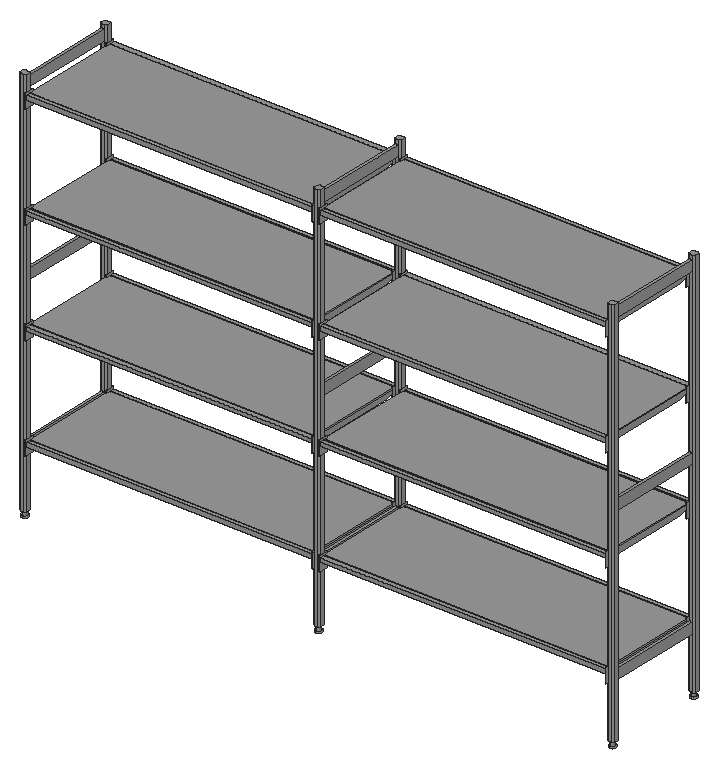
Revit family "QF_ELECTROLUXPROFESSIONAL_137047_BLS2580", category Attrezzature speciali, Revit 2020
Family settings
  Quota connettore circolare = Usa diametro
  Tipo di parte = Normale
  Basato su piano di lavoro = No
  Sempre verticale = Sì
  Taglio con vuoti quando caricato = No
  Condiviso = No
  Punto di calcolo locali = No
Parameters (values of type "Standard")
  Weight = 46.00 kg
  Watts = 0 W
  Volts = 0 V
  URL Manufacturer = "https://www.electroluxprofessional.com/"
  URL = "https://www.electroluxprofessional.com/"
  Steam Supply Size = 0 mm
  Steam Supply Minimum Pressure = 0.0 Pa
  Steam Supply Maximum Pressure = 0.0 Pa
  Steam Consumption per Hour = 0
  Refrigeration Suction Line Size = 0.0 mm
  Refrigeration Liquid Line Size = 0.0 mm
  Refrigerant Compressor Remote = yes
  Prospetto di default = 0.0 mm
  Phase = 0
  Modello = "BLS2580"
  Produttore = "Electrolux Professional"
  Length Actual = 2580.0 mm  # constant formula
  Item Number = "137047"
  Hot Water Size = 0 mm
  Height Actual = 1700.0 mm  # constant formula
  HP = "0 HP"
  Gas Size = 0 mm
  Gas KW = 0
  Gas Input Pressure = 0 W
  Direct Waste Size = 0 mm
  Descrizione = "ALUM.LINEAR SHELV.-POLY.TIERS-475X2580MM"
  Depth Actual = 475.0 mm  # constant formula
  Cycle = 0 Hz
  Condensate Return Size = 0 mm
  Compressed Air Volume = 0.0 L/s
  Compressed Air Size = 0 mm
  Compressed Air Pressure = 0.0 Pa
  Cold Water Size = 0 mm
  Accessory = yes
Reference planes
  plane 1: z = 0
  plane 2 "CenterLeft": x = -31
  plane 3 "LEFT": x = -417
  plane 4 "BACK": y = 23
  plane 5 "FRONT": y = -452
  plane 6 "TOP": z = 1700
  plane 7: x = -385
  plane 8: x = 855
  plane 9 "Center (Front/Back)": y = -214.5
  plane 10: y = -8.5
  plane 11: y = -420.5
  plane 12 "FEET": z = 25
  plane 13: z = 275
  plane 14: z = 725
  plane 15: z = 1175
  plane 16: z = 1625
  plane 17 "CXLeft": x = -403
  plane 18 "Center (Left/Right)": x = 873
  plane 19: y = 5.5
  plane 20 "CYBack": y = 5.5
  plane 21 "CYFront": y = -434.5
  plane 22 "RIGHT": x = 2163
  plane 23: x = 2131
  plane 24 "CXRight": x = 2149
  plane 25: x = 891
Forms (mm)
  Extrusion 1, solid, material "QF_Aluminum"
    sketch origin (-417, 0, -4.006) x (0, 1, 0) y (0, 0, 1)
      loop
        line (-12, 1637.003) -> (4, 1637.003) -> (4, 1655) -> (2.007, 1655) -> (2.007, 1648.501) -> (-431, 1648.501) -> (-431, 1655) -> (-433, 1655) -> (-433, 1637.003) -> (-417, 1637.003) -> (-383, 1625) -> (-46, 1625) -> (-12, 1637.003)
      loop
        line (-12, 1187.003) -> (4, 1187.003) -> (4, 1205) -> (2.007, 1205) -> (2.007, 1198.501) -> (-431, 1198.501) -> (-431, 1205) -> (-433, 1205) -> (-433, 1187.003) -> (-417, 1187.003) -> (-383, 1175) -> (-46, 1175) -> (-12, 1187.003)
      loop
        line (-12, 737.003) -> (4, 737.003) -> (4, 755) -> (2.007, 755) -> (2.007, 748.501) -> (-431, 748.501) -> (-431, 755) -> (-433, 755) -> (-433, 737.003) -> (-417, 737.003) -> (-383, 725) -> (-46, 725) -> (-12, 737.003)
      loop
        line (-12, 287.003) -> (4, 287.003) -> (4, 305) -> (2.007, 305) -> (2.007, 298.501) -> (-431, 298.501) -> (-431, 305) -> (-433, 305) -> (-433, 287.003) -> (-417, 287.003) -> (-383, 275) -> (-46, 275) -> (-12, 287.003)
    from 37 to 32
  Extrusion 2, solid, material "QF_Aluminum"
    sketch origin (-417, 0, 0) x (0, 1, 0) y (0, 0, 1)
      loop
        line (23, 246.005) -> (23, 307.993) -> (-12.993, 307.993) -> (-12.993, 246.005) -> (23, 246.005)
      loop
        line (-452, 246.005) -> (-416.007, 246.005) -> (-416.007, 307.993) -> (-452, 307.993) -> (-452, 246.005)
      loop
        line (23, 696.005) -> (23, 757.993) -> (-12.993, 757.993) -> (-12.993, 696.005) -> (23, 696.005)
      loop
        line (-452, 696.005) -> (-416.007, 696.005) -> (-416.007, 757.993) -> (-452, 757.993) -> (-452, 696.005)
      loop
        line (23, 1146.005) -> (23, 1207.993) -> (-12.993, 1207.993) -> (-12.993, 1146.005) -> (23, 1146.005)
      loop
        line (-452, 1146.005) -> (-416.007, 1146.005) -> (-416.007, 1207.993) -> (-452, 1207.993) -> (-452, 1146.005)
      loop
        line (23, 1596.005) -> (23, 1657.993) -> (-12.993, 1657.993) -> (-12.993, 1596.005) -> (23, 1596.005)
      loop
        line (-452, 1596.005) -> (-416.007, 1596.005) -> (-416.007, 1657.993) -> (-452, 1657.993) -> (-452, 1596.005)
    from 28 to 32
  Extrusion 3, solid, material "QF_Aluminum"
    sketch origin (-417, 0, 0) x (0, 1, 0) y (0, 0, 1)
      loop
        line (4, 1650.994) -> (4, 1632.998) -> (23, 1632.998) -> (23, 1650.994) -> (4, 1650.994)
      loop
        line (-433, 1650.994) -> (-452, 1650.994) -> (-452, 1632.998) -> (-433, 1632.998) -> (-433, 1650.994)
      loop
        line (4, 1200.994) -> (4, 1182.998) -> (23, 1182.998) -> (23, 1200.994) -> (4, 1200.994)
      loop
        line (-433, 1200.994) -> (-452, 1200.994) -> (-452, 1182.998) -> (-433, 1182.998) -> (-433, 1200.994)
      loop
        line (4, 750.994) -> (4, 732.998) -> (23, 732.998) -> (23, 750.994) -> (4, 750.994)
      loop
        line (-433, 750.994) -> (-452, 750.994) -> (-452, 732.998) -> (-433, 732.998) -> (-433, 750.994)
      loop
        line (4, 300.994) -> (4, 282.998) -> (23, 282.998) -> (23, 300.994) -> (4, 300.994)
      loop
        line (-433, 300.994) -> (-452, 300.994) -> (-452, 282.998) -> (-433, 282.998) -> (-433, 300.994)
    from 32 to 1272
  Extrusion 4, solid, material "QF_Polyethylene"
    sketch origin (-417, 0, 0) x (0, 1, 0) y (0, 0, 1)
      loop
        line (2.007, 1650.994) -> (-431, 1650.994) -> (-431, 1644.496) -> (2.007, 1644.496) -> (2.007, 1650.994)
      loop
        line (2.007, 1200.994) -> (-431, 1200.994) -> (-431, 1194.496) -> (2.007, 1194.496) -> (2.007, 1200.994)
      loop
        line (2.007, 750.994) -> (-431, 750.994) -> (-431, 744.496) -> (2.007, 744.496) -> (2.007, 750.994)
      loop
        line (2.007, 300.994) -> (-431, 300.994) -> (-431, 294.496) -> (2.007, 294.496) -> (2.007, 300.994)
    from 32 to 1272
  Extrusion 5, solid, material "QF_Aluminum"
    sketch origin (2163, 0, 0) x (0, 1, 0) y (0, 0, 1)
      loop
        line (4, 1650.994) -> (4, 1632.998) -> (23, 1632.998) -> (23, 1650.994) -> (4, 1650.994)
      loop
        line (-433, 1650.994) -> (-452, 1650.994) -> (-452, 1632.998) -> (-433, 1632.998) -> (-433, 1650.994)
      loop
        line (4, 1200.994) -> (4, 1182.998) -> (23, 1182.998) -> (23, 1200.994) -> (4, 1200.994)
      loop
        line (-433, 1200.994) -> (-452, 1200.994) -> (-452, 1182.998) -> (-433, 1182.998) -> (-433, 1200.994)
      loop
        line (4, 750.994) -> (4, 732.998) -> (23, 732.998) -> (23, 750.994) -> (4, 750.994)
      loop
        line (-433, 750.994) -> (-452, 750.994) -> (-452, 732.998) -> (-433, 732.998) -> (-433, 750.994)
      loop
        line (4, 300.994) -> (4, 282.998) -> (23, 282.998) -> (23, 300.994) -> (4, 300.994)
      loop
        line (-433, 300.994) -> (-452, 300.994) -> (-452, 282.998) -> (-433, 282.998) -> (-433, 300.994)
    from -32 to -1272
  Extrusion 6, solid, material "QF_Polyethylene"
    sketch origin (2163, 0, 0) x (0, 1, 0) y (0, 0, 1)
      loop
        line (2.007, 1650.994) -> (-431, 1650.994) -> (-431, 1644.496) -> (2.007, 1644.496) -> (2.007, 1650.994)
      loop
        line (2.007, 1200.994) -> (-431, 1200.994) -> (-431, 1194.496) -> (2.007, 1194.496) -> (2.007, 1200.994)
      loop
        line (2.007, 750.994) -> (-431, 750.994) -> (-431, 744.496) -> (2.007, 744.496) -> (2.007, 750.994)
      loop
        line (2.007, 300.994) -> (-431, 300.994) -> (-431, 294.496) -> (2.007, 294.496) -> (2.007, 300.994)
    from -32 to -1272
Lines and regions (mm)
  symbolic lines
    curve 1: line (855, 4, 1700) -> (-385, 4, 1700)
    curve 2: line (-408, -8.5, 1700) -> (-408, -420.5, 1700)
    curve 3: line (-398, -420.5, 1700) -> (-398, -8.5, 1700)
    curve 4: line (-389, 23, 1700) -> (859, 23, 1700)
    curve 5: line (-385, -452, 1700) -> (855, -452, 1700)
    curve 6: line (887, 23, 1700) -> (2135, 23, 1700)
    curve 7: line (887, -452, 1700) -> (2135, -452, 1700)
    curve 8: line (-385, -433, 1700) -> (855, -433, 1700)
    curve 9: line (891, -433, 1700) -> (2131, -433, 1700)
    curve 10: line (891, 4, 1700) -> (2131, 4, 1700)
    curve 11: line (2131, -12.993, 1700) -> (2131, -416.007, 1700)
    curve 12: line (855, -12.993, 1700) -> (855, -416.007, 1700)
    curve 13: line (891, -416.007, 1700) -> (891, -12.993, 1700)
    curve 14: line (-385, -12.993, 1700) -> (-385, -416.007, 1700)
Dimensions and locks
  plane 3 "LEFT" to plane 2 "CenterLeft" = 386.0 mm
  locked: plane 6 "TOP" to level at 1700
  locked: plane 4 "BACK" to plane 5 "FRONT" at 475
  locked: plane 7 to plane 8 at 1240
  locked: plane 10 to plane 11 at 412
  equal spacing: plane 10, plane 9 "Center (Front/Back)", plane 11
  equal spacing: plane 4 "BACK", plane 9 "Center (Front/Back)", plane 5 "FRONT"
  plane 12 "FEET" to level = 25.0 mm
  plane 6 "TOP" to plane 12 "FEET" = 1675.0 mm
  plane 13 to plane 12 "FEET" = 250.0 mm
  plane 14 to plane 13 = 450.0 mm
  plane 15 to plane 14 = 450.0 mm
  plane 16 to plane 15 = 450.0 mm
  locked: plane 4 "BACK" to plane 20 "CYBack" at 17.5
  locked: plane 21 "CYFront" to plane 5 "FRONT" at 17.5
  locked: plane 4 "BACK" to Extrusion 1 at 19
  locked: Extrusion 1 to plane 5 "FRONT" at 19
  Extrusion 1 sketch curve to plane 21 "CYFront" = 3.5 mm
  plane 3 "LEFT" to plane 22 "RIGHT" = 2580.0 mm
  locked: plane 25 to plane 23 at 1240
  locked: plane 8 to plane 18 "Center (Left/Right)" at 18
  locked: plane 18 "Center (Left/Right)" to plane 25 at 18
  locked: plane 3 "LEFT" to plane 7 at 32
  locked: plane 24 "CXRight" to plane 22 "RIGHT" at 14
  aligned and locked: level to plane 1
  aligned and locked: plane 7 to Extrusion 1
  aligned and locked: Extrusion 2 to plane 7
  aligned and locked: plane 7 to Extrusion 4
  aligned and locked: Extrusion 4 to plane 8
  aligned and locked: plane 7 to Extrusion 3
  aligned and locked: Extrusion 3 to plane 8
  aligned and locked: Extrusion 3 sketch curve to Extrusion 1
  aligned and locked: Extrusion 1 to Extrusion 3 sketch curve
  aligned and locked: Extrusion 3 sketch curve to Extrusion 3 sketch curve  (x2)
  aligned and locked: Extrusion 1 sketch curve to Extrusion 1 sketch curve  (x3)
  aligned and locked: Extrusion 4 sketch curve to Extrusion 1  (x4)
  aligned and locked: Extrusion 5 sketch curve to Extrusion 5 sketch curve  (x2)
  aligned and locked: Extrusion 5 to plane 25
  aligned and locked: Extrusion 6 to plane 25
  aligned and locked: nested 3 to plane 18 "Center (Left/Right)"
  aligned and locked: nested 1 to plane 17 "CXLeft"
  aligned and locked: Extrusion 3 to plane 7  (x3)
  aligned and locked: plane 8 to Extrusion 3  (x4)
  aligned and locked: plane 25 to Extrusion 5  (x4)
  aligned and locked: plane 25 to Extrusion 6  (x4)
  aligned and locked: plane 8 to Extrusion 4  (x4)
  aligned and locked: nested 2 to plane 24 "CXRight"
  aligned and locked: Extrusion 5 to plane 23
  aligned and locked: Extrusion 6 to plane 23
  aligned and locked: plane 23 to Extrusion 5  (x3)
  aligned and locked: plane 23 to Extrusion 6  (x3)
Automatic sketch dimensions
  plane 21 "CYFront" to Extrusion 1 sketch curve = 1.5 mm  (x4)
  plane 11 to Extrusion 1 sketch curve = 3.5 mm  (x4)
  Extrusion 1 sketch curve to plane 13 = 4.006 mm
  Extrusion 1 sketch curve to Extrusion 1 sketch curve = 34.0 mm  (x4)
  Extrusion 1 sketch curve to plane 14 = 4.006 mm
  Extrusion 1 sketch curve to plane 15 = 4.006 mm
  Extrusion 1 sketch curve to plane 16 = 4.006 mm
  Extrusion 1 sketch curve to plane 10 = 37.5 mm  (x4)
  Extrusion 1 sketch curve to plane 10 = 3.5 mm  (x4)
  plane 19 to Extrusion 1 sketch curve = 3.493 mm  (x4)
  plane 19 to Extrusion 1 sketch curve = 1.5 mm  (x4)
  plane 13 to Extrusion 1 sketch curve = 7.998 mm  (x2)
  Extrusion 1 sketch curve to Extrusion 1 sketch curve = 11.498 mm  (x4)
  Extrusion 1 sketch curve to Extrusion 1 sketch curve = 6.499 mm  (x8)
  plane 14 to Extrusion 1 sketch curve = 7.998 mm  (x2)
  plane 15 to Extrusion 1 sketch curve = 7.998 mm  (x2)
  plane 16 to Extrusion 1 sketch curve = 7.998 mm  (x2)
  Extrusion 2 sketch curve to plane 5 "FRONT" = 0.0 mm  (x4)
  Extrusion 2 sketch curve to plane 4 "BACK" = 0.0 mm  (x4)
  plane 11 to Extrusion 2 sketch curve = 4.493 mm  (x4)
  Extrusion 2 sketch curve to plane 10 = 4.493 mm  (x4)
  Extrusion 2 sketch curve to plane 13 = 28.995 mm  (x2)
  plane 13 to Extrusion 2 sketch curve = 32.993 mm  (x2)
  Extrusion 2 sketch curve to plane 14 = 28.995 mm  (x2)
  plane 14 to Extrusion 2 sketch curve = 32.993 mm  (x2)
  Extrusion 2 sketch curve to plane 15 = 28.995 mm  (x2)
  plane 15 to Extrusion 2 sketch curve = 32.993 mm  (x2)
  Extrusion 2 sketch curve to plane 16 = 28.995 mm  (x2)
  plane 16 to Extrusion 2 sketch curve = 32.993 mm  (x2)
  Extrusion 3 sketch curve to plane 5 "FRONT" = 0.0 mm  (x4)
  Extrusion 3 sketch curve to plane 4 "BACK" = 0.0 mm  (x4)
  plane 19 to Extrusion 3 sketch curve = 1.5 mm  (x4)
  plane 13 to Extrusion 3 sketch curve = 7.998 mm  (x2)
  Extrusion 3 sketch curve to Extrusion 3 sketch curve = 17.997 mm  (x8)
  plane 14 to Extrusion 3 sketch curve = 7.998 mm  (x2)
  plane 15 to Extrusion 3 sketch curve = 7.998 mm  (x2)
  plane 16 to Extrusion 3 sketch curve = 7.998 mm  (x2)
  plane 19 to Extrusion 4 sketch curve = 3.493 mm  (x4)
  plane 13 to Extrusion 4 sketch curve = 19.496 mm
  Extrusion 4 sketch curve to Extrusion 4 sketch curve = 6.499 mm  (x4)
  plane 14 to Extrusion 4 sketch curve = 19.496 mm
  plane 15 to Extrusion 4 sketch curve = 19.496 mm
  plane 16 to Extrusion 4 sketch curve = 19.496 mm
  Extrusion 5 sketch curve to plane 5 "FRONT" = 0.0 mm  (x4)
  Extrusion 5 sketch curve to plane 4 "BACK" = 0.0 mm  (x4)
  plane 21 "CYFront" to Extrusion 5 sketch curve = 1.5 mm  (x2)
  plane 19 to Extrusion 5 sketch curve = 1.5 mm  (x4)
  plane 13 to Extrusion 5 sketch curve = 7.998 mm  (x2)
  Extrusion 5 sketch curve to Extrusion 5 sketch curve = 17.997 mm  (x8)
  plane 14 to Extrusion 5 sketch curve = 7.998 mm  (x2)
  plane 15 to Extrusion 5 sketch curve = 7.998 mm  (x2)
  plane 16 to Extrusion 5 sketch curve = 7.998 mm  (x2)
  plane 21 "CYFront" to Extrusion 6 sketch curve = 3.5 mm  (x4)
  plane 19 to Extrusion 6 sketch curve = 3.493 mm  (x4)
  plane 13 to Extrusion 6 sketch curve = 19.496 mm
  Extrusion 6 sketch curve to Extrusion 6 sketch curve = 6.499 mm  (x4)
  plane 14 to Extrusion 6 sketch curve = 19.496 mm
  plane 15 to Extrusion 6 sketch curve = 19.496 mm
  plane 16 to Extrusion 6 sketch curve = 19.496 mm
  curve 7 to plane 5 "FRONT" = 0.0 mm
  curve 5 to plane 5 "FRONT" = 0.0 mm
  curve 8 to plane 8 = 0.0 mm
  curve 9 to plane 25 = 0.0 mm
  curve 9 to plane 23 = 0.0 mm
  curve 8 to plane 7 = 0.0 mm
  curve 2 to plane 11 = 0.0 mm
  curve 3 to plane 11 = 0.0 mm
  curve 14 to plane 7 = 0.0 mm
  curve 13 to plane 25 = 0.0 mm
  curve 12 to plane 8 = 0.0 mm
  curve 11 to plane 23 = 0.0 mm
  curve 3 to plane 10 = 0.0 mm
  curve 2 to plane 10 = 0.0 mm
  curve 1 to plane 8 = 0.0 mm
  curve 1 to plane 7 = 0.0 mm
  curve 10 to plane 23 = 0.0 mm
  curve 10 to plane 25 = 0.0 mm
  curve 4 to plane 4 "BACK" = 0.0 mm
  curve 6 to plane 4 "BACK" = 0.0 mm
  curve 5 to plane 8 = 0.0 mm
  curve 5 to plane 7 = 0.0 mm
  plane 21 "CYFront" to curve 8 = 1.5 mm
  plane 21 "CYFront" to curve 9 = 1.5 mm
  plane 11 to curve 14 = 4.493 mm
  plane 11 to curve 13 = 4.493 mm
  plane 11 to curve 12 = 4.493 mm
  plane 11 to curve 11 = 4.493 mm
  curve 14 to plane 10 = 4.493 mm
  curve 13 to plane 10 = 4.493 mm
  curve 12 to plane 10 = 4.493 mm
  curve 11 to plane 10 = 4.493 mm
  plane 19 to curve 1 = 1.5 mm
  plane 19 to curve 10 = 1.5 mm
  curve 6 to plane 23 = 4.0 mm
  curve 7 to plane 23 = 4.0 mm
  curve 6 to plane 25 = 4.0 mm
  curve 7 to plane 25 = 4.0 mm
  curve 4 to plane 8 = 4.0 mm
  plane 7 to curve 4 = 4.0 mm
  plane 17 "CXLeft" to curve 3 = 5.0 mm
  curve 2 to plane 17 "CXLeft" = 5.0 mm
Nested families
  nested 1: "WT_Anta475" at (0, 0, 0), type "WT_Anta475"
  nested 2: "WT_Anta475" at (1746, 0, 0) x (-1, 0, 0) z (0, 0, 1), type "WT_Anta475"
  nested 3: "WT_Anta475Center" at (1276, 0, 0), type "WT_Anta475Center"
Definition of nested family "WT_Anta475"
  Parameters
    WidthLeft = A + 64.0 mm  # 772.0 mm
    Width = 1606.0 mm
    Right = WidthLeft / 2  # 386.0 mm
    Default Elevation = 0.0 mm
    Left = -WidthLeft / 2  # -386.0 mm
    Height = 1725.0 mm
    FEET = 25.0 mm
    E = 0.0 mm
    Dint = Depth - 63.0 mm  # 412.0 mm
    Dext = Depth - 8.0 mm  # 467.0 mm
    Depth = 475.0 mm
    DX = (WidthLeft - A) / 2  # 32.0 mm
    B = 798.0 mm
    A = 708.0 mm
  Reference planes
    plane 1: z = 0
    plane 2 "LEFT": x = -417
    plane 3 "BACK": y = 23
    plane 4 "FRONT": y = -452
    plane 5 "TOP": z = 1725
    plane 6 "Center (Front/Back)": y = -214.5
    plane 7: y = -8.5
    plane 8: y = -420.5
    plane 9 "FEET": z = 25
    plane 10: z = 275
    plane 11: z = 725
    plane 12: z = 1175
    plane 13: z = 1625
    plane 14 "CXLeft": x = -403
    plane 15: y = 5.5
    plane 16 "CYBack": y = 5.5
    plane 17 "CYFront": y = -434.5
    plane 18: x = -385.031
    plane 19: x = -380.031
  Forms (mm)
    Extrusion 1, solid
      sketch origin (0, 0, 0) x (1, 0, 0) y (0, 1, 0)
        loop
          line (-417, 13.246) -> (-417, -2.246) -> (-410.746, -8.5) -> (-395.254, -8.5) -> (-389, -2.246) -> (-389, 13.246) -> (-395.254, 19.5) -> (-410.746, 19.5) -> (-417, 13.246)
      from 1725 to 25
    Extrusion 2, solid
      sketch origin (-417, 0, 0) x (0, 1, 0) y (0, 0, 1)
        loop
          line (23, 246.005) -> (23, 307.993) -> (-12.993, 307.993) -> (-12.993, 246.005) -> (23, 246.005)
        loop
          line (-452, 246.005) -> (-416.007, 246.005) -> (-416.007, 307.993) -> (-452, 307.993) -> (-452, 246.005)
        loop
          line (23, 696.005) -> (23, 757.993) -> (-12.993, 757.993) -> (-12.993, 696.005) -> (23, 696.005)
        loop
          line (-452, 696.005) -> (-416.007, 696.005) -> (-416.007, 757.993) -> (-452, 757.993) -> (-452, 696.005)
        loop
          line (23, 1146.005) -> (23, 1207.993) -> (-12.993, 1207.993) -> (-12.993, 1146.005) -> (23, 1146.005)
        loop
          line (-452, 1146.005) -> (-416.007, 1146.005) -> (-416.007, 1207.993) -> (-452, 1207.993) -> (-452, 1146.005)
        loop
          line (23, 1596.005) -> (23, 1657.993) -> (-12.993, 1657.993) -> (-12.993, 1596.005) -> (23, 1596.005)
        loop
          line (-452, 1596.005) -> (-416.007, 1596.005) -> (-416.007, 1657.993) -> (-452, 1657.993) -> (-452, 1596.005)
      from 28 to 32
    Revolve 3, solid
      sketch origin (-403, 0, 0) x (0, 1, 0) y (0, 0, 1)
        loop
          line (5.5, 25) -> (5.5, 0) -> (19, 0) -> (19, 5) -> (14, 5) -> (14, 25) -> (5.5, 25)
        axis (5.5, 25) -> (5.5, 0)
      angle from 0 to 360
    Extrusion 4, solid
      sketch origin (-403, 0, 0) x (0, 1, 0) y (0, 0, 1)
        loop
          line (-8.5, 912.382) -> (-8.5, 957.374) -> (-420.5, 957.374) -> (-420.5, 912.382) -> (-8.5, 912.382)
        loop
          line (-8.5, 1662.244) -> (-8.5, 1707.236) -> (-420.5, 1707.236) -> (-420.5, 1662.244) -> (-8.5, 1662.244)
      from -5 to 5
    Revolve 5, solid
      sketch origin (-403, -627, 0) x (0, -1, 0) y (0, 0, 1)
        loop
          line (-192.5, 25) -> (-192.5, 0) -> (-179, 0) -> (-179, 5) -> (-184, 5) -> (-184, 25) -> (-192.5, 25)
        axis (-192.5, 25) -> (-192.5, 0)
      angle from 0 to 360
    Extrusion 6, solid
      sketch origin (0, -627, 0) x (1, 0, 0) y (0, 1, 0)
        loop
          line (-417, 184.754) -> (-410.746, 178.5) -> (-395.254, 178.5) -> (-389, 184.754) -> (-389, 200.246) -> (-395.254, 206.5) -> (-410.746, 206.5) -> (-417, 200.246) -> (-417, 184.754)
      from 1725 to 25
    Extrusion 7, solid
      sketch origin (-417.031, -0.022, 0) x (0, 1, 0) y (0, 0, -1)
        loop
          line (-12, -1632.998) -> (-46, -1620.994) -> (-383, -1620.994) -> (-417, -1632.998) -> (-433, -1632.998) -> (-433, -1650.994) -> (-431, -1650.994) -> (-431, -1644.496) -> (2.007, -1644.496) -> (2.007, -1650.994) -> (4, -1650.994) -> (4, -1632.998) -> (-12, -1632.998)
        loop
          line (-12, -1182.998) -> (-46, -1170.994) -> (-383, -1170.994) -> (-417, -1182.998) -> (-433, -1182.998) -> (-433, -1200.994) -> (-431, -1200.994) -> (-431, -1194.496) -> (2.007, -1194.496) -> (2.007, -1200.994) -> (4, -1200.994) -> (4, -1182.998) -> (-12, -1182.998)
        loop
          line (-12, -732.998) -> (-46, -720.994) -> (-383, -720.994) -> (-417, -732.998) -> (-433, -732.998) -> (-433, -750.994) -> (-431, -750.994) -> (-431, -744.496) -> (2.007, -744.496) -> (2.007, -750.994) -> (4, -750.994) -> (4, -732.998) -> (-12, -732.998)
        loop
          line (-12, -282.998) -> (-46, -270.994) -> (-383, -270.994) -> (-417, -282.998) -> (-433, -282.998) -> (-433, -300.994) -> (-431, -300.994) -> (-431, -294.496) -> (2.007, -294.496) -> (2.007, -300.994) -> (4, -300.994) -> (4, -282.998) -> (-12, -282.998)
      from -32 to -37
    Extrusion 8, solid
      sketch origin (-403, 0, -659.878) x (0, 1, 0) y (0, 0, 1)
        loop
          line (-8.5, 912.382) -> (-8.5, 957.374) -> (-420.5, 957.374) -> (-420.5, 912.382) -> (-8.5, 912.382)
        loop
          line (-8.5, 1572.382) -> (-8.5, 1617.374) -> (-420.5, 1617.374) -> (-420.5, 1572.382) -> (-8.5, 1572.382)
        loop
          line (-8.5, 2322.382) -> (-8.5, 2367.374) -> (-420.5, 2367.374) -> (-420.5, 2322.382) -> (-8.5, 2322.382)
      from -5 to 5
  Lines and regions (mm)
    symbolic lines
      curve 1: line (-408, -8.5, 1725) -> (-408, -420.5, 1725)
      curve 2: line (-398, -420.5, 1725) -> (-398, -8.5, 1725)
      curve 3: line (-395.254, -8.5, 1725) -> (-410.746, -8.5, 1725)
      curve 4: line (-417, -2.246, 1725) -> (-410.746, -8.5, 1725)
      curve 5: line (-417, 13.246, 1725) -> (-417, -2.246, 1725)
      curve 6: line (-410.746, 19.5, 1725) -> (-417, 13.246, 1725)
      curve 7: line (-395.254, 19.5, 1725) -> (-410.746, 19.5, 1725)
      curve 8: line (-389, 13.246, 1725) -> (-395.254, 19.5, 1725)
      curve 9: line (-395.254, -8.5, 1725) -> (-389, -2.246, 1725)
      curve 10: line (-395.254, -420.5, 1725) -> (-410.746, -420.5, 1725)
      curve 11: line (-417, -426.754, 1725) -> (-410.746, -420.5, 1725)
      curve 12: line (-410.746, -448.5, 1725) -> (-417, -442.246, 1725)
      curve 13: line (-395.254, -448.5, 1725) -> (-410.746, -448.5, 1725)
      curve 14: line (-389, -442.246, 1725) -> (-395.254, -448.5, 1725)
      curve 15: line (-395.254, -420.5, 1725) -> (-389, -426.754, 1725)
      curve 16: line (-389, -452, 1725) -> (-389, -416.007, 1725)
      curve 17: line (-389, -416.007, 1725) -> (-385, -416.007, 1725)
      curve 18: line (-389, 23, 1725) -> (-389, -12.993, 1725)
      curve 19: line (-389, -12.993, 1725) -> (-385, -12.993, 1725)
      curve 20: line (-417, -426.754, 1725) -> (-417, -442.246, 1725)
      curve 21: line (-385, -452, 1725) -> (-385, -416.007, 1725)
      curve 22: line (-385, -452, 1725) -> (-389, -452, 1725)
      curve 23: line (-385, 23, 1725) -> (-389, 23, 1725)
      curve 24: line (-385, -12.993, 1725) -> (-385, 23, 1725)
      curve 25: line (-385.031, -13.016, 1725) -> (-385.031, -416.029, 1725)
  Dimensions and locks
    "Height": plane 5 "TOP" to level
    "Depth": plane 3 "BACK" to plane 4 "FRONT"
    "Dint": plane 7 to plane 8
    equal spacing: plane 7, plane 6 "Center (Front/Back)", plane 8
    equal spacing: plane 3 "BACK", plane 6 "Center (Front/Back)", plane 4 "FRONT"
    plane 9 "FEET" to level = 25.0 mm
    plane 5 "TOP" to plane 9 "FEET" = 1700.0 mm
    plane 10 to plane 9 "FEET" = 250.0 mm
    plane 11 to plane 10 = 450.0 mm
    plane 12 to plane 11 = 450.0 mm
    plane 13 to plane 12 = 450.0 mm
    locked: plane 2 "LEFT" to plane 14 "CXLeft" at 14
    locked: plane 3 "BACK" to plane 16 "CYBack" at 17.5
    locked: plane 17 "CYFront" to plane 4 "FRONT" at 17.5
    locked: Revolve 3 sketch curve to Revolve 3 sketch curve at 8.5
    locked: Revolve 3 sketch curve to plane 16 "CYBack" at 13.5
    locked: Revolve 5 sketch curve to Revolve 5 sketch curve at 8.5
    aligned and locked: level to plane 1
    aligned and locked: curve 20 to Extrusion 6
    aligned and locked: plane 5 "TOP" to Extrusion 1
    aligned and locked: plane 5 "TOP" to Extrusion 6
    aligned and locked: Extrusion 7 sketch curve to Extrusion 7 sketch curve  (x3)
  Automatic sketch dimensions
    curve 16 to plane 4 "FRONT" = 0.0 mm
    curve 11 to plane 8 = 0.0 mm
    curve 9 to plane 7 = 0.0 mm
    curve 5 to plane 2 "LEFT" = 0.0 mm
    curve 23 to plane 3 "BACK" = 0.0 mm
    plane 4 "FRONT" to curve 13 = 3.5 mm
    curve 20 to plane 17 "CYFront" = 7.746 mm
    curve 20 to plane 8 = 6.254 mm
    plane 8 to curve 16 = 4.493 mm
    curve 24 to plane 18 = 0.031 mm
    curve 24 to plane 7 = 4.493 mm
    plane 7 to curve 5 = 6.254 mm
    curve 5 to plane 15 = 7.746 mm
    curve 6 to plane 3 "BACK" = 3.5 mm
    curve 21 to plane 18 = 0.031 mm
    plane 18 to curve 23 = 3.969 mm
    plane 18 to curve 16 = 3.969 mm
    curve 18 to curve 8 = 6.254 mm
    curve 18 to curve 3 = 6.254 mm
    curve 16 to curve 13 = 6.254 mm
    curve 16 to curve 15 = 6.254 mm
    plane 2 "LEFT" to curve 10 = 6.254 mm
    plane 2 "LEFT" to curve 7 = 6.254 mm
    plane 2 "LEFT" to curve 12 = 6.254 mm
    plane 2 "LEFT" to curve 3 = 6.254 mm
    curve 14 to plane 17 "CYFront" = 7.746 mm
    curve 15 to plane 8 = 6.254 mm
    plane 7 to curve 9 = 6.254 mm
    curve 8 to plane 15 = 7.746 mm
    curve 3 to curve 2 = 2.746 mm
    curve 1 to curve 10 = 2.746 mm
    Extrusion 1 sketch curve to plane 2 "LEFT" = 0.0 mm
    Extrusion 1 sketch curve to plane 7 = 0.0 mm
    plane 2 "LEFT" to Extrusion 1 sketch curve = 6.254 mm  (x2)
    plane 14 "CXLeft" to Extrusion 1 sketch curve = 7.746 mm  (x2)
    Extrusion 1 sketch curve to plane 3 "BACK" = 3.5 mm
    plane 18 to Extrusion 1 sketch curve = 3.969 mm
    plane 7 to Extrusion 1 sketch curve = 6.254 mm  (x2)
    Extrusion 1 sketch curve to plane 15 = 7.746 mm  (x2)
    Extrusion 2 sketch curve to plane 4 "FRONT" = 0.0 mm  (x4)
    Extrusion 2 sketch curve to plane 3 "BACK" = 0.0 mm  (x4)
    plane 8 to Extrusion 2 sketch curve = 4.493 mm  (x4)
    Extrusion 2 sketch curve to plane 7 = 4.493 mm  (x4)
    Extrusion 2 sketch curve to plane 10 = 28.995 mm  (x2)
    plane 10 to Extrusion 2 sketch curve = 32.993 mm  (x2)
    Extrusion 2 sketch curve to plane 11 = 28.995 mm  (x2)
    plane 11 to Extrusion 2 sketch curve = 32.993 mm  (x2)
    Extrusion 2 sketch curve to plane 12 = 28.995 mm  (x2)
    plane 12 to Extrusion 2 sketch curve = 32.993 mm  (x2)
    Extrusion 2 sketch curve to plane 13 = 28.995 mm  (x2)
    plane 13 to Extrusion 2 sketch curve = 32.993 mm  (x2)
    Revolve 3 sketch curve to plane 9 "FEET" = 0.0 mm  (x2)
    Revolve 3 sketch curve to plane 15 = 0.0 mm  (x2)
    Revolve 3 sketch curve to level = 0.0 mm
    level to Revolve 3 sketch curve = 5.0 mm
    Revolve 3 sketch curve to Revolve 3 sketch curve = 11.655 mm
    Extrusion 4 sketch curve to plane 8 = 0.0 mm  (x2)
    Extrusion 4 sketch curve to plane 7 = 0.0 mm  (x2)
    plane 11 to Extrusion 4 sketch curve = 187.382 mm
    Extrusion 4 sketch curve to Extrusion 4 sketch curve = 44.992 mm
    plane 13 to Extrusion 4 sketch curve = 37.244 mm
    Extrusion 4 sketch curve to plane 5 "TOP" = 17.764 mm
    Revolve 5 sketch curve to plane 9 "FEET" = 0.0 mm  (x2)
    Revolve 5 sketch curve to plane 17 "CYFront" = 0.0 mm  (x2)
    Revolve 5 sketch curve to level = 0.0 mm
    Revolve 5 sketch curve to plane 4 "FRONT" = 4.0 mm
    Revolve 5 sketch curve to Revolve 5 sketch curve = 5.0 mm
    level to Revolve 5 sketch curve = 11.655 mm
    Extrusion 6 sketch curve to plane 2 "LEFT" = 0.0 mm
    Extrusion 6 sketch curve to plane 8 = 0.0 mm
    Extrusion 6 sketch curve to plane 2 "LEFT" = 6.254 mm  (x2)
    Extrusion 6 sketch curve to plane 14 "CXLeft" = 7.746 mm  (x2)
    Extrusion 6 sketch curve to plane 4 "FRONT" = 3.5 mm
    Extrusion 6 sketch curve to plane 18 = 3.969 mm
    plane 8 to Extrusion 6 sketch curve = 6.254 mm  (x2)
    plane 17 "CYFront" to Extrusion 6 sketch curve = 7.746 mm  (x2)
    plane 17 "CYFront" to Extrusion 7 sketch curve = 1.478 mm  (x4)
    Extrusion 7 sketch curve to Extrusion 7 sketch curve = 2.0 mm
    plane 8 to Extrusion 7 sketch curve = 3.478 mm  (x4)
    Extrusion 7 sketch curve to plane 10 = 4.006 mm
    Extrusion 7 sketch curve to Extrusion 7 sketch curve = 34.0 mm  (x4)
    Extrusion 7 sketch curve to plane 11 = 4.006 mm
    Extrusion 7 sketch curve to plane 12 = 4.006 mm
    Extrusion 7 sketch curve to plane 13 = 4.006 mm
    Extrusion 7 sketch curve to plane 7 = 37.522 mm  (x4)
    Extrusion 7 sketch curve to plane 7 = 3.522 mm  (x4)
    plane 15 to Extrusion 7 sketch curve = 3.516 mm  (x4)
    plane 15 to Extrusion 7 sketch curve = 1.522 mm  (x4)
    plane 13 to Extrusion 7 sketch curve = 7.998 mm  (x2)
    Extrusion 7 sketch curve to Extrusion 7 sketch curve = 11.498 mm
    Extrusion 7 sketch curve to Extrusion 7 sketch curve = 6.499 mm  (x5)
    plane 12 to Extrusion 7 sketch curve = 25.994 mm  (x2)
    plane 12 to Extrusion 7 sketch curve = 7.998 mm  (x2)
    plane 11 to Extrusion 7 sketch curve = 25.994 mm  (x2)
    plane 11 to Extrusion 7 sketch curve = 7.998 mm  (x2)
    plane 10 to Extrusion 7 sketch curve = 25.994 mm  (x2)
    plane 10 to Extrusion 7 sketch curve = 7.998 mm  (x2)
    curve 25 to plane 18 = 0.0 mm
    plane 8 to curve 25 = 4.471 mm
    curve 25 to plane 7 = 4.516 mm
    Extrusion 8 sketch curve to plane 8 = 0.0 mm  (x3)
    Extrusion 8 sketch curve to plane 7 = 0.0 mm  (x3)
    Extrusion 8 sketch curve to plane 10 = 22.496 mm
    plane 10 to Extrusion 8 sketch curve = 22.496 mm
    plane 11 to Extrusion 8 sketch curve = 187.504 mm
    Extrusion 8 sketch curve to Extrusion 8 sketch curve = 44.992 mm
    plane 13 to Extrusion 8 sketch curve = 37.504 mm
    Extrusion 8 sketch curve to plane 5 "TOP" = 17.504 mm
Definition of nested family "WT_Anta475Center"
  Parameters
    WidthLeft = A + 64.0 mm  # 772.0 mm
    Width = 1606.0 mm
    Right = WidthLeft / 2  # 386.0 mm
    Default Elevation = 0.0 mm
    Left = -WidthLeft / 2  # -386.0 mm
    Height = 1725.0 mm
    FEET = 25.0 mm
    E = 0.0 mm
    Dint = Depth - 63.0 mm  # 412.0 mm
    Dext = Depth - 8.0 mm  # 467.0 mm
    Depth = 475.0 mm
    DX = (WidthLeft - A) / 2  # 32.0 mm
    B = 798.0 mm
    A = 708.0 mm
  Reference planes
    plane 1: z = 0
    plane 2 "L": x = -417
    plane 3 "BACK": y = 23
    plane 4 "FRONT": y = -452
    plane 5 "TOP": z = 1725
    plane 6 "Center (Front/Back)": y = -214.5
    plane 7: y = -8.5
    plane 8: y = -420.5
    plane 9 "FEET": z = 25
    plane 10: z = 275
    plane 11: z = 725
    plane 12: z = 1175
    plane 13: z = 1625
    plane 14 "CXLeft": x = -403
    plane 15: y = 5.5
    plane 16 "CYBack": y = 5.5
    plane 17 "CYFront": y = -434.5
    plane 18: x = -385.031
    plane 19 "RIGHT": x = -380.031
    plane 20: x = -420.969
    plane 21 "LEFT": x = -425.969
  Forms (mm)
    Extrusion 1, solid
      sketch origin (0, 0, 0) x (1, 0, 0) y (0, 1, 0)
        loop
          line (-417, 13.246) -> (-417, -2.246) -> (-410.746, -8.5) -> (-395.254, -8.5) -> (-389, -2.246) -> (-389, 13.246) -> (-395.254, 19.5) -> (-410.746, 19.5) -> (-417, 13.246)
      from 1725 to 25
    Extrusion 2, solid
      sketch origin (-417, 0, 0) x (0, 1, 0) y (0, 0, 1)
        loop
          line (23, 246.005) -> (23, 307.993) -> (-12.993, 307.993) -> (-12.993, 246.005) -> (23, 246.005)
        loop
          line (-452, 246.005) -> (-416.007, 246.005) -> (-416.007, 307.993) -> (-452, 307.993) -> (-452, 246.005)
        loop
          line (23, 696.005) -> (23, 757.993) -> (-12.993, 757.993) -> (-12.993, 696.005) -> (23, 696.005)
        loop
          line (-452, 696.005) -> (-416.007, 696.005) -> (-416.007, 757.993) -> (-452, 757.993) -> (-452, 696.005)
        loop
          line (23, 1146.005) -> (23, 1207.993) -> (-12.993, 1207.993) -> (-12.993, 1146.005) -> (23, 1146.005)
        loop
          line (-452, 1146.005) -> (-416.007, 1146.005) -> (-416.007, 1207.993) -> (-452, 1207.993) -> (-452, 1146.005)
        loop
          line (23, 1596.005) -> (23, 1657.993) -> (-12.993, 1657.993) -> (-12.993, 1596.005) -> (23, 1596.005)
        loop
          line (-452, 1596.005) -> (-416.007, 1596.005) -> (-416.007, 1657.993) -> (-452, 1657.993) -> (-452, 1596.005)
      from 28 to 32
    Revolve 3, solid
      sketch origin (-403, 0, 0) x (0, 1, 0) y (0, 0, 1)
        loop
          line (5.5, 25) -> (5.5, 0) -> (19, 0) -> (19, 5) -> (14, 5) -> (14, 25) -> (5.5, 25)
        axis (5.5, 25) -> (5.5, 0)
      angle from 0 to 360
    Extrusion 4, solid
      sketch origin (-403, 0, 0) x (0, 1, 0) y (0, 0, 1)
        loop
          line (-8.5, 912.382) -> (-8.5, 957.374) -> (-420.5, 957.374) -> (-420.5, 912.382) -> (-8.5, 912.382)
        loop
          line (-8.5, 1662.244) -> (-8.5, 1707.236) -> (-420.5, 1707.236) -> (-420.5, 1662.244) -> (-8.5, 1662.244)
      from -5 to 5
    Revolve 5, solid
      sketch origin (-403, -627, 0) x (0, -1, 0) y (0, 0, 1)
        loop
          line (-192.5, 25) -> (-192.5, 0) -> (-179, 0) -> (-179, 5) -> (-184, 5) -> (-184, 25) -> (-192.5, 25)
        axis (-192.5, 25) -> (-192.5, 0)
      angle from 0 to 360
    Extrusion 6, solid
      sketch origin (0, -627, 0) x (1, 0, 0) y (0, 1, 0)
        loop
          line (-417, 184.754) -> (-410.746, 178.5) -> (-395.254, 178.5) -> (-389, 184.754) -> (-389, 200.246) -> (-395.254, 206.5) -> (-410.746, 206.5) -> (-417, 200.246) -> (-417, 184.754)
      from 1725 to 25
    Extrusion 7, solid
      sketch origin (-417.031, -0.022, 0) x (0, 1, 0) y (0, 0, -1)
        loop
          line (-12, -1632.998) -> (-46, -1620.994) -> (-383, -1620.994) -> (-417, -1632.998) -> (-433, -1632.998) -> (-433, -1650.994) -> (-431, -1650.994) -> (-431, -1644.496) -> (2.007, -1644.496) -> (2.007, -1650.994) -> (4, -1650.994) -> (4, -1632.998) -> (-12, -1632.998)
        loop
          line (-12, -1182.998) -> (-46, -1170.994) -> (-383, -1170.994) -> (-417, -1182.998) -> (-433, -1182.998) -> (-433, -1200.994) -> (-431, -1200.994) -> (-431, -1194.496) -> (2.007, -1194.496) -> (2.007, -1200.994) -> (4, -1200.994) -> (4, -1182.998) -> (-12, -1182.998)
        loop
          line (-12, -732.998) -> (-46, -720.994) -> (-383, -720.994) -> (-417, -732.998) -> (-433, -732.998) -> (-433, -750.994) -> (-431, -750.994) -> (-431, -744.496) -> (2.007, -744.496) -> (2.007, -750.994) -> (4, -750.994) -> (4, -732.998) -> (-12, -732.998)
        loop
          line (-12, -282.998) -> (-46, -270.994) -> (-383, -270.994) -> (-417, -282.998) -> (-433, -282.998) -> (-433, -300.994) -> (-431, -300.994) -> (-431, -294.496) -> (2.007, -294.496) -> (2.007, -300.994) -> (4, -300.994) -> (4, -282.998) -> (-12, -282.998)
      from -32 to -37
    Extrusion 8, solid
      sketch origin (-403, 0, -659.878) x (0, 1, 0) y (0, 0, 1)
        loop
          line (-8.5, 912.382) -> (-8.5, 957.374) -> (-420.5, 957.374) -> (-420.5, 912.382) -> (-8.5, 912.382)
        loop
          line (-8.5, 1572.382) -> (-8.5, 1617.374) -> (-420.5, 1617.374) -> (-420.5, 1572.382) -> (-8.5, 1572.382)
        loop
          line (-8.5, 2322.382) -> (-8.5, 2367.374) -> (-420.5, 2367.374) -> (-420.5, 2322.382) -> (-8.5, 2322.382)
      from -5 to 5
    Extrusion 9, solid
      sketch origin (-389, 0, 0) x (0, 1, 0) y (0, 0, -1)
        loop
          line (23, -246.005) -> (-12.993, -246.005) -> (-12.993, -307.993) -> (23, -307.993) -> (23, -246.005)
        loop
          line (-452, -246.005) -> (-452, -307.993) -> (-416.007, -307.993) -> (-416.007, -246.005) -> (-452, -246.005)
        loop
          line (23, -696.005) -> (-12.993, -696.005) -> (-12.993, -757.993) -> (23, -757.993) -> (23, -696.005)
        loop
          line (-452, -696.005) -> (-452, -757.993) -> (-416.007, -757.993) -> (-416.007, -696.005) -> (-452, -696.005)
        loop
          line (23, -1146.005) -> (-12.993, -1146.005) -> (-12.993, -1207.993) -> (23, -1207.993) -> (23, -1146.005)
        loop
          line (-452, -1146.005) -> (-452, -1207.993) -> (-416.007, -1207.993) -> (-416.007, -1146.005) -> (-452, -1146.005)
        loop
          line (23, -1596.005) -> (-12.993, -1596.005) -> (-12.993, -1657.993) -> (23, -1657.993) -> (23, -1596.005)
        loop
          line (-452, -1596.005) -> (-452, -1657.993) -> (-416.007, -1657.993) -> (-416.007, -1596.005) -> (-452, -1596.005)
      from 28 to 32
    Extrusion 10, solid
      sketch origin (-388.969, -0.022, 0) x (0, 1, 0) y (0, 0, 1)
        loop
          line (-12, 1632.998) -> (4, 1632.998) -> (4, 1650.994) -> (2.007, 1650.994) -> (2.007, 1644.496) -> (-431, 1644.496) -> (-431, 1650.994) -> (-433, 1650.994) -> (-433, 1632.998) -> (-417, 1632.998) -> (-383, 1620.994) -> (-46, 1620.994) -> (-12, 1632.998)
        loop
          line (-12, 1182.998) -> (4, 1182.998) -> (4, 1200.994) -> (2.007, 1200.994) -> (2.007, 1194.496) -> (-431, 1194.496) -> (-431, 1200.994) -> (-433, 1200.994) -> (-433, 1182.998) -> (-417, 1182.998) -> (-383, 1170.994) -> (-46, 1170.994) -> (-12, 1182.998)
        loop
          line (-12, 732.998) -> (4, 732.998) -> (4, 750.994) -> (2.007, 750.994) -> (2.007, 744.496) -> (-431, 744.496) -> (-431, 750.994) -> (-433, 750.994) -> (-433, 732.998) -> (-417, 732.998) -> (-383, 720.994) -> (-46, 720.994) -> (-12, 732.998)
        loop
          line (-12, 282.998) -> (4, 282.998) -> (4, 300.994) -> (2.007, 300.994) -> (2.007, 294.496) -> (-431, 294.496) -> (-431, 300.994) -> (-433, 300.994) -> (-433, 282.998) -> (-417, 282.998) -> (-383, 270.994) -> (-46, 270.994) -> (-12, 282.998)
      from -32 to -37
  Lines and regions (mm)
    symbolic lines
      curve 1: line (-408, -8.5, 1725) -> (-408, -420.5, 1725)
      curve 2: line (-398, -420.5, 1725) -> (-398, -8.5, 1725)
      curve 3: line (-395.254, -8.5, 1725) -> (-410.746, -8.5, 1725)
      curve 4: line (-417, -2.246, 1725) -> (-410.746, -8.5, 1725)
      curve 5: line (-410.746, 19.5, 1725) -> (-417, 13.246, 1725)
      curve 6: line (-395.254, 19.5, 1725) -> (-410.746, 19.5, 1725)
      curve 7: line (-389, 13.246, 1725) -> (-395.254, 19.5, 1725)
      curve 8: line (-395.254, -8.5, 1725) -> (-389, -2.246, 1725)
      curve 9: line (-395.254, -420.5, 1725) -> (-410.746, -420.5, 1725)
      curve 10: line (-417, -426.754, 1725) -> (-410.746, -420.5, 1725)
      curve 11: line (-410.746, -448.5, 1725) -> (-417, -442.246, 1725)
      curve 12: line (-395.254, -448.5, 1725) -> (-410.746, -448.5, 1725)
      curve 13: line (-389, -442.246, 1725) -> (-395.254, -448.5, 1725)
      curve 14: line (-395.254, -420.5, 1725) -> (-389, -426.754, 1725)
      curve 15: line (-389, -452, 1725) -> (-389, -416.007, 1725)
      curve 16: line (-389, -416.007, 1725) -> (-385, -416.007, 1725)
      curve 17: line (-389, 23, 1725) -> (-389, -12.993, 1725)
      curve 18: line (-389, -12.993, 1725) -> (-385, -12.993, 1725)
      curve 19: line (-385, -452, 1725) -> (-385, -416.007, 1725)
      curve 20: line (-385, -452, 1725) -> (-389, -452, 1725)
      curve 21: line (-385, 23, 1725) -> (-389, 23, 1725)
      curve 22: line (-385, -12.993, 1725) -> (-385, 23, 1725)
      curve 23: line (-385.031, -13.016, 1725) -> (-385.031, -416.029, 1725)
      curve 24: line (-417, -452, 1725) -> (-417, -416.007, 1725)
      curve 25: line (-417, -416.007, 1725) -> (-421, -416.007, 1725)
      curve 26: line (-417, 23, 1725) -> (-417, -12.993, 1725)
      curve 27: line (-417, -12.993, 1725) -> (-421, -12.993, 1725)
      curve 28: line (-421, -452, 1725) -> (-421, -416.007, 1725)
      curve 29: line (-421, -452, 1725) -> (-417, -452, 1725)
      curve 30: line (-421, 23, 1725) -> (-417, 23, 1725)
      curve 31: line (-421, -12.993, 1725) -> (-421, 23, 1725)
      curve 32: line (-420.969, -13.016, 1725) -> (-420.969, -416.029, 1725)
  Dimensions and locks
    "Height": plane 5 "TOP" to level
    "Depth": plane 3 "BACK" to plane 4 "FRONT"
    "Dint": plane 7 to plane 8
    equal spacing: plane 7, plane 6 "Center (Front/Back)", plane 8
    equal spacing: plane 3 "BACK", plane 6 "Center (Front/Back)", plane 4 "FRONT"
    plane 9 "FEET" to level = 25.0 mm
    plane 5 "TOP" to plane 9 "FEET" = 1700.0 mm
    plane 10 to plane 9 "FEET" = 250.0 mm
    plane 11 to plane 10 = 450.0 mm
    plane 12 to plane 11 = 450.0 mm
    plane 13 to plane 12 = 450.0 mm
    locked: plane 3 "BACK" to plane 16 "CYBack" at 17.5
    locked: plane 17 "CYFront" to plane 4 "FRONT" at 17.5
    locked: Revolve 3 sketch curve to Revolve 3 sketch curve at 8.5
    locked: Revolve 3 sketch curve to plane 16 "CYBack" at 13.5
    locked: Revolve 5 sketch curve to Revolve 5 sketch curve at 8.5
    aligned and locked: level to plane 1
    aligned and locked: plane 5 "TOP" to Extrusion 1
    aligned and locked: plane 5 "TOP" to Extrusion 6
    aligned and locked: Extrusion 7 sketch curve to Extrusion 7 sketch curve  (x3)
    aligned and locked: Extrusion 10 sketch curve to Extrusion 10 sketch curve  (x3)
  Automatic sketch dimensions
    curve 15 to plane 4 "FRONT" = 0.0 mm
    curve 28 to plane 4 "FRONT" = 0.0 mm
    curve 9 to plane 8 = 0.0 mm
    curve 25 to plane 2 "L" = 0.0 mm
    curve 8 to plane 7 = 0.0 mm
    curve 17 to plane 3 "BACK" = 0.0 mm
    curve 30 to plane 3 "BACK" = 0.0 mm
    plane 4 "FRONT" to curve 11 = 3.5 mm
    curve 19 to plane 18 = 0.031 mm
    plane 8 to curve 19 = 4.493 mm
    plane 8 to curve 25 = 4.493 mm
    curve 27 to plane 20 = 0.031 mm
    curve 27 to plane 7 = 4.493 mm
    curve 17 to plane 7 = 4.493 mm
    curve 5 to plane 15 = 7.746 mm
    curve 7 to plane 3 "BACK" = 3.5 mm
    curve 18 to plane 18 = 0.031 mm
    plane 18 to curve 21 = 3.969 mm
    plane 18 to curve 20 = 3.969 mm
    curve 15 to curve 9 = 6.254 mm
    curve 17 to curve 7 = 6.254 mm
    curve 17 to curve 3 = 6.254 mm
    curve 15 to curve 12 = 6.254 mm
    plane 2 "L" to curve 12 = 6.254 mm
    plane 2 "L" to curve 4 = 6.254 mm
    plane 2 "L" to curve 10 = 6.254 mm
    plane 2 "L" to curve 5 = 6.254 mm
    curve 28 to plane 20 = 0.031 mm
    curve 13 to plane 17 "CYFront" = 7.746 mm
    curve 14 to plane 8 = 6.254 mm
    plane 7 to curve 8 = 6.254 mm
    curve 7 to plane 15 = 7.746 mm
    curve 9 to curve 2 = 2.746 mm
    curve 1 to curve 9 = 2.746 mm
    Extrusion 1 sketch curve to plane 2 "L" = 0.0 mm
    Extrusion 1 sketch curve to plane 7 = 0.0 mm
    plane 2 "L" to Extrusion 1 sketch curve = 6.254 mm  (x2)
    plane 14 "CXLeft" to Extrusion 1 sketch curve = 7.746 mm  (x2)
    Extrusion 1 sketch curve to plane 3 "BACK" = 3.5 mm
    plane 18 to Extrusion 1 sketch curve = 3.969 mm
    plane 7 to Extrusion 1 sketch curve = 6.254 mm  (x2)
    Extrusion 1 sketch curve to plane 15 = 7.746 mm  (x2)
    Extrusion 2 sketch curve to plane 4 "FRONT" = 0.0 mm  (x4)
    Extrusion 2 sketch curve to plane 3 "BACK" = 0.0 mm  (x4)
    plane 8 to Extrusion 2 sketch curve = 4.493 mm  (x4)
    Extrusion 2 sketch curve to plane 7 = 4.493 mm  (x4)
    Extrusion 2 sketch curve to plane 10 = 28.995 mm  (x2)
    plane 10 to Extrusion 2 sketch curve = 32.993 mm  (x2)
    Extrusion 2 sketch curve to plane 11 = 28.995 mm  (x2)
    plane 11 to Extrusion 2 sketch curve = 32.993 mm  (x2)
    Extrusion 2 sketch curve to plane 12 = 28.995 mm  (x2)
    plane 12 to Extrusion 2 sketch curve = 32.993 mm  (x2)
    Extrusion 2 sketch curve to plane 13 = 28.995 mm  (x2)
    plane 13 to Extrusion 2 sketch curve = 32.993 mm  (x2)
    Revolve 3 sketch curve to plane 9 "FEET" = 0.0 mm  (x2)
    Revolve 3 sketch curve to plane 15 = 0.0 mm  (x2)
    Revolve 3 sketch curve to level = 0.0 mm
    level to Revolve 3 sketch curve = 5.0 mm
    Revolve 3 sketch curve to Revolve 3 sketch curve = 11.655 mm
    Extrusion 4 sketch curve to plane 8 = 0.0 mm  (x2)
    Extrusion 4 sketch curve to plane 7 = 0.0 mm  (x2)
    plane 11 to Extrusion 4 sketch curve = 187.382 mm
    Extrusion 4 sketch curve to Extrusion 4 sketch curve = 44.992 mm
    plane 13 to Extrusion 4 sketch curve = 37.244 mm
    Extrusion 4 sketch curve to plane 5 "TOP" = 17.764 mm
    Revolve 5 sketch curve to plane 9 "FEET" = 0.0 mm  (x2)
    Revolve 5 sketch curve to plane 17 "CYFront" = 0.0 mm  (x2)
    Revolve 5 sketch curve to level = 0.0 mm
    Revolve 5 sketch curve to plane 4 "FRONT" = 4.0 mm
    Revolve 5 sketch curve to Revolve 5 sketch curve = 5.0 mm
    level to Revolve 5 sketch curve = 11.655 mm
    Extrusion 6 sketch curve to plane 2 "L" = 0.0 mm
    Extrusion 6 sketch curve to plane 8 = 0.0 mm
    Extrusion 6 sketch curve to plane 2 "L" = 6.254 mm  (x2)
    Extrusion 6 sketch curve to plane 14 "CXLeft" = 7.746 mm  (x2)
    Extrusion 6 sketch curve to plane 4 "FRONT" = 3.5 mm
    Extrusion 6 sketch curve to plane 18 = 3.969 mm
    plane 8 to Extrusion 6 sketch curve = 6.254 mm  (x2)
    plane 17 "CYFront" to Extrusion 6 sketch curve = 7.746 mm  (x2)
    plane 17 "CYFront" to Extrusion 7 sketch curve = 1.478 mm  (x4)
    Extrusion 7 sketch curve to Extrusion 7 sketch curve = 2.0 mm
    plane 8 to Extrusion 7 sketch curve = 3.478 mm  (x4)
    Extrusion 7 sketch curve to plane 10 = 4.006 mm
    Extrusion 7 sketch curve to Extrusion 7 sketch curve = 34.0 mm  (x4)
    Extrusion 7 sketch curve to plane 11 = 4.006 mm
    Extrusion 7 sketch curve to plane 12 = 4.006 mm
    Extrusion 7 sketch curve to plane 13 = 4.006 mm
    Extrusion 7 sketch curve to plane 7 = 37.522 mm  (x4)
    Extrusion 7 sketch curve to plane 7 = 3.522 mm  (x4)
    plane 15 to Extrusion 7 sketch curve = 3.516 mm  (x4)
    plane 15 to Extrusion 7 sketch curve = 1.522 mm  (x4)
    plane 13 to Extrusion 7 sketch curve = 7.998 mm  (x2)
    Extrusion 7 sketch curve to Extrusion 7 sketch curve = 11.498 mm
    Extrusion 7 sketch curve to Extrusion 7 sketch curve = 6.499 mm  (x5)
    plane 12 to Extrusion 7 sketch curve = 25.994 mm  (x2)
    plane 12 to Extrusion 7 sketch curve = 7.998 mm  (x2)
    plane 11 to Extrusion 7 sketch curve = 25.994 mm  (x2)
    plane 11 to Extrusion 7 sketch curve = 7.998 mm  (x2)
    plane 10 to Extrusion 7 sketch curve = 25.994 mm  (x2)
    plane 10 to Extrusion 7 sketch curve = 7.998 mm  (x2)
    curve 23 to plane 18 = 0.0 mm
    curve 32 to plane 20 = 0.0 mm
    plane 8 to curve 23 = 4.471 mm
    plane 8 to curve 32 = 4.471 mm
    curve 32 to plane 7 = 4.516 mm
    curve 23 to plane 7 = 4.516 mm
    Extrusion 8 sketch curve to plane 8 = 0.0 mm  (x3)
    Extrusion 8 sketch curve to plane 7 = 0.0 mm  (x3)
    Extrusion 8 sketch curve to plane 10 = 22.496 mm
    plane 10 to Extrusion 8 sketch curve = 22.496 mm
    plane 11 to Extrusion 8 sketch curve = 187.504 mm
    Extrusion 8 sketch curve to Extrusion 8 sketch curve = 44.992 mm
    plane 13 to Extrusion 8 sketch curve = 37.504 mm
    Extrusion 8 sketch curve to plane 5 "TOP" = 17.504 mm
    Extrusion 9 sketch curve to plane 4 "FRONT" = 0.0 mm  (x4)
    Extrusion 9 sketch curve to plane 3 "BACK" = 0.0 mm  (x4)
    plane 8 to Extrusion 9 sketch curve = 4.493 mm  (x4)
    Extrusion 9 sketch curve to plane 7 = 4.493 mm  (x4)
    plane 13 to Extrusion 9 sketch curve = 32.993 mm  (x2)
    Extrusion 9 sketch curve to plane 13 = 28.995 mm  (x2)
    plane 12 to Extrusion 9 sketch curve = 32.993 mm  (x2)
    Extrusion 9 sketch curve to plane 12 = 28.995 mm  (x2)
    plane 11 to Extrusion 9 sketch curve = 32.993 mm  (x2)
    Extrusion 9 sketch curve to plane 11 = 28.995 mm  (x2)
    plane 10 to Extrusion 9 sketch curve = 32.993 mm  (x2)
    Extrusion 9 sketch curve to plane 10 = 28.995 mm  (x2)
    plane 17 "CYFront" to Extrusion 10 sketch curve = 1.478 mm  (x4)
    Extrusion 10 sketch curve to Extrusion 10 sketch curve = 2.0 mm
    plane 8 to Extrusion 10 sketch curve = 3.478 mm  (x4)
    Extrusion 10 sketch curve to plane 10 = 4.006 mm
    Extrusion 10 sketch curve to Extrusion 10 sketch curve = 34.0 mm  (x4)
    Extrusion 10 sketch curve to plane 11 = 4.006 mm
    Extrusion 10 sketch curve to plane 12 = 4.006 mm
    Extrusion 10 sketch curve to plane 13 = 4.006 mm
    Extrusion 10 sketch curve to plane 7 = 37.522 mm  (x4)
    Extrusion 10 sketch curve to plane 7 = 3.522 mm  (x4)
    plane 15 to Extrusion 10 sketch curve = 3.516 mm  (x4)
    plane 15 to Extrusion 10 sketch curve = 1.522 mm  (x4)
    plane 10 to Extrusion 10 sketch curve = 7.998 mm  (x2)
    Extrusion 10 sketch curve to Extrusion 10 sketch curve = 11.498 mm  (x4)
    Extrusion 10 sketch curve to Extrusion 10 sketch curve = 6.499 mm  (x8)
    plane 11 to Extrusion 10 sketch curve = 7.998 mm  (x2)
    plane 12 to Extrusion 10 sketch curve = 7.998 mm  (x2)
    plane 13 to Extrusion 10 sketch curve = 7.998 mm  (x2)
    curve 4 to plane 2 "L" = 0.0 mm
    plane 7 to curve 4 = 6.254 mm
    curve 11 to plane 17 "CYFront" = 7.746 mm
    curve 10 to plane 8 = 6.254 mm
